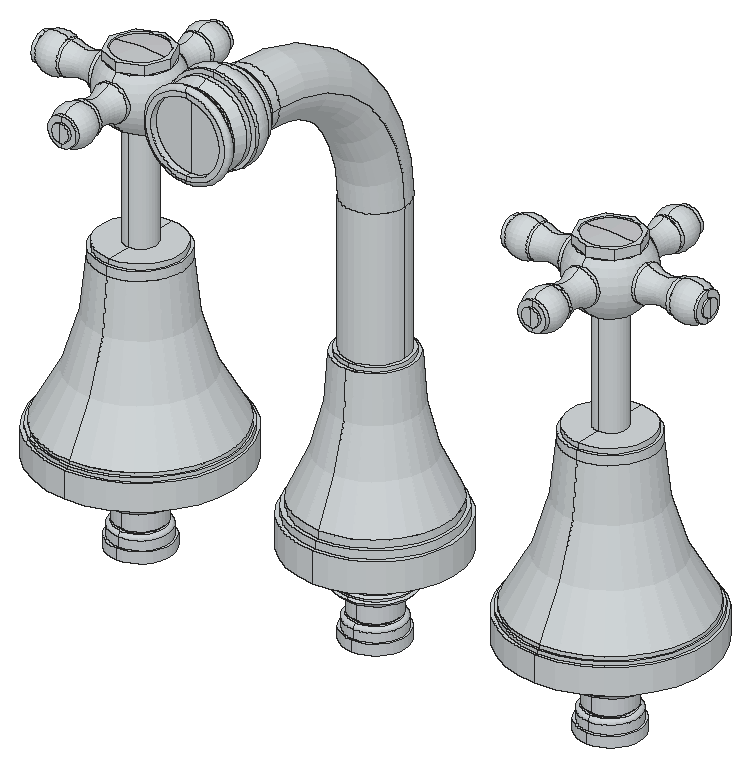
Revit family "Reece_Tap_Kado_Era_Wall Basin Set", category Plumbing Fixtures, host Face, Revit 2018
Family settings
  Host = Face
  Round Connector Dimension = Use Diameter
  Part Type = Normal
  Cut with Voids When Loaded = No
  Shared = Yes
  Room Calculation Point = Yes
Parameters (values of type "150 mm_Cross Handle_Brushed Nickel")
  WFU = 0  # constant formula
  URL = "https://www.reece.com.au/product/-9512074"
  Type Comments = "Tap"
  Reece_Tap_Reach = 150 mm
  Reece_Tap_Inlet = 12 mm  # constant formula
  Reece_Tap_Clearance = 75 mm  # constant formula
  Reece_Tap_Axis Distance [instance] = 150 mm
  Reece_Product_Web Page = "https://www.reece.com.au/product/-9512074"
  Reece_Product_Type = "Tap"  # constant formula
  Reece_Product_Sub Brand = "Era"  # constant formula
  Reece_Product_Number = "9512074"
  Reece_Product_Mount = "Wall Mounted"
  Reece_Product_Description = "Kado Era Wall Basin Set 150mm Cross Handles Brushed Nickel (5 Star)"
  Reece_Product_Brand = "Kado"  # constant formula
  Reece_Material_Secondary = Reece_Brass_Brushed Nickel
  Reece_Material_Colour = Reece_Plastic_White
  Reece_Material-Main = Reece_Brass_Brushed Nickel
  Reece_Handle_Type = Reece_Tap_Kado_Era_Wall Basin Set_Cross Handle_116 mm_Nested : Reece_Tap_Kado_Era_Wall Basin Set_Cross Handle_116 mm_Nested
  Reece_Detail_Shape = ""
  Reece_Detail_Installation = ""
  Reece_Detail_Disclaimer = "THIS FILE IS THE PROPERTY OF THE REECE GROUP. IT MAY NOT BE REPRODUCED, REVERSE-ENGINEERED OR MODIFIED. ANY REPUBLICATION, TRANSMISSION OR DISTRIBUTION FOR THE PURPOSE OF COMMERCIALLY EXPLOITING THE FILES IS PROHIBITED."  # constant formula
  Reece_Detail_Connector = ""
  Reece_Detail_Additional = "Wall Basin Set"
  Reece_Backplate_Diameter = 60 mm  # constant formula
  Model = "Era"
  Manufacturer = "Kado"
  Keynote = "Product #9512074, Reece_Tap_Kado_Era_Wall Basin Set - 150 mm_Cross Handle_Brushed Nickel"
  HWFU = 0  # constant formula
  Disclaimer = "THIS FILE IS THE PROPERTY OF THE REECE GROUP. IT MAY NOT BE REPRODUCED, REVERSE-ENGINEERED OR MODIFIED. ANY REPUBLICATION, TRANSMISSION OR DISTRIBUTION FOR THE PURPOSE OF COMMERCIALLY EXPLOITING THE FILES IS PROHIBITED."  # constant formula
  Description = "Kado Era Wall Basin Set 150mm Cross Handles Brushed Nickel (5 Star)"
  Default Elevation = 1000 mm
  CWFU = 0  # constant formula
Types (31, lengths in mm): name | URL | Reece_Tap_Reach | Reece_Product_Web Page | Reece_Product_Number | Reece_Product_Description | Reece_Material_Secondary | Reece_Material_Colour | Reece_Material-Main | Reece_Handle_Type | Reece_Detail_Additional | Keynote | Description
  (no name) | "https://www.reece.com.au/product/-9512074" | 150 | "https://www.reece.com.au/product/-9512074" | "9512074" | "Kado Era Wall Basin Set 150mm Cross Handles Brushed Nickel (5 Star)" | Reece_Brass_Brushed Nickel | Reece_Plastic_White | Reece_Brass_Brushed Nickel | Reece_Tap_Kado_Era_Wall Basin Set_Cross Handle_116 mm_Nested : Reece_Tap_Kado_Era_Wall Basin Set_Cross Handle_116 mm_Nested | "Wall Basin Set" | "Product #9512074, Reece_Tap_Kado_Era_Wall Basin Set -  " | "Kado Era Wall Basin Set 150mm Cross Handles Brushed Nickel (5 Star)"
  250 mm_Lever Handle_Chrome | "https://www.reece.com.au/product/-9508842" | 250 | "https://www.reece.com.au/product/-9508842" | "9508842" | "Kado Era Wall Basin Set 250mm Lever Handle Chrome (5 Star)" | Reece_Brass_Chrome | Reece_Brass_Chrome | Reece_Brass_Chrome | Reece_Tap_Kado_Era_Wall Basin Set_Lever_Handle_116 mm_Nested : Reece_Tap_Kado_Era_Wall Basin Set_Lever_Handle_116 mm_Nested | "Wall Basin Set" | "Product #9508842, Reece_Tap_Kado_Era_Wall Basin Set - 250 mm_Lever Handle_Chrome" | "Kado Era Wall Basin Set 250mm Lever Handle Chrome (5 Star)"
  250 mm_Lever Handle_Matte Black | "https://www.reece.com.au/product/-2263699" | 250 | "https://www.reece.com.au/product/-2263699" | "2263699" | "Kado Era Wall Basin Set 250mm Lever Handle Matte Black (5 Star)" | Reece_Brass_Matte Black | Reece_Brass_Matte Black | Reece_Brass_Matte Black | Reece_Tap_Kado_Era_Wall Basin Set_Lever_Handle_116 mm_Nested : Reece_Tap_Kado_Era_Wall Basin Set_Lever_Handle_116 mm_Nested | "Wall Basin Set" | "Product #2263699, Reece_Tap_Kado_Era_Wall Basin Set - 250 mm_Lever Handle_Matte Black" | "Kado Era Wall Basin Set 250mm Lever Handle Matte Black (5 Star)"
  250 mm_Lever Handle_Brass Gold_Porcelain | "https://www.reece.com.au/product/-9508845" | 250 | "https://www.reece.com.au/product/-9508845" | "9508845" | "Kado Era Wall Basin Set 250mm Lever Porcelain Handle Brass Gold (5 Star)" | Reece_Porcelain_White | Reece_Brass_Gold | Reece_Brass_Gold | Reece_Tap_Kado_Era_Wall Basin Set_Porcelain_Lever_Handle_116 mm_Nested : Reece_Tap_Kado_Era_Wall Basin Set_Porcelain_Lever_Handle_116 mm_Nested | "Wall Basin Set" | "Product #9508845, Reece_Tap_Kado_Era_Wall Basin Set - 250 mm_Lever Handle_Brass Gold_Porcelain" | "Kado Era Wall Basin Set 250mm Lever Porcelain Handle Brass Gold (5 Star)"
  250 mm_Lever Handle_Chrome_Porcelain | "https://www.reece.com.au/product/-9508844" | 250 | "https://www.reece.com.au/product/-9508844" | "9508844" | "Kado Era Wall Basin Set 250mm Lever Porcelain Handle Chrome (5 Star)" | Reece_Porcelain_White | Reece_Brass_Chrome | Reece_Brass_Chrome | Reece_Tap_Kado_Era_Wall Basin Set_Porcelain_Lever_Handle_116 mm_Nested : Reece_Tap_Kado_Era_Wall Basin Set_Porcelain_Lever_Handle_116 mm_Nested | "Wall Basin Set" | "Product #9508844, Reece_Tap_Kado_Era_Wall Basin Set - 250 mm_Lever Handle_Chrome_Porcelain" | "Kado Era Wall Basin Set 250mm Lever Porcelain Handle Chrome (5 Star)"
  250 mm_Cross Handle_Chrome | "https://www.reece.com.au/product/-9508840" | 250 | "https://www.reece.com.au/product/-9508840" | "9508840" | "Kado Era Wall Basin Set 250mm Cross Handles Chrome (5 Star)" | Reece_Brass_Chrome | Reece_Plastic_White | Reece_Brass_Chrome | Reece_Tap_Kado_Era_Wall Basin Set_Cross Handle_116 mm_Nested : Reece_Tap_Kado_Era_Wall Basin Set_Cross Handle_116 mm_Nested | "Wall Basin Set" | "Product #9508840, Reece_Tap_Kado_Era_Wall Basin Set - 250 mm_Cross Handle_Chrome" | "Kado Era Wall Basin Set 250mm Cross Handles Chrome (5 Star)"
  250 mm_Cross Handle_Brass Gold | "https://www.reece.com.au/product/-9508841" | 250 | "https://www.reece.com.au/product/-9508841" | "9508841" | "Kado Era Wall Basin Set 250mm Cross Handles Brass Gold (5 Star)" | Reece_Brass_Gold | Reece_Plastic_White | Reece_Brass_Gold | Reece_Tap_Kado_Era_Wall Basin Set_Cross Handle_116 mm_Nested : Reece_Tap_Kado_Era_Wall Basin Set_Cross Handle_116 mm_Nested | "Wall Basin Set" | "Product #9508841, Reece_Tap_Kado_Era_Wall Basin Set - 250 mm_Cross Handle_Brass Gold" | "Kado Era Wall Basin Set 250mm Cross Handles Brass Gold (5 Star)"
  200 mm_Lever Handle_Chrome_Porcelain | "https://www.reece.com.au/product/-9508838" | 200 | "https://www.reece.com.au/product/-9508838" | "9508838" | "Kado Era Wall Basin Set 200mm Lever Porcelain Handle Chrome (5 Star)" | Reece_Porcelain_White | Reece_Brass_Chrome | Reece_Brass_Chrome | Reece_Tap_Kado_Era_Wall Basin Set_Porcelain_Lever_Handle_116 mm_Nested : Reece_Tap_Kado_Era_Wall Basin Set_Porcelain_Lever_Handle_116 mm_Nested | "Wall Basin Set" | "Product #9508838, Reece_Tap_Kado_Era_Wall Basin Set - 200 mm_Lever Handle_Chrome_Porcelain" | "Kado Era Wall Basin Set 200mm Lever Porcelain Handle Chrome (5 Star)"
  200 mm_Lever Handle_Brass Gold_Porcelain | "https://www.reece.com.au/product/-9508839" | 200 | "https://www.reece.com.au/product/-9508839" | "9508839" | "Kado Era Wall Basin Set 200mm Lever Porcelain Handle Brass Gold (5 Star)" | Reece_Porcelain_White | Reece_Brass_Gold | Reece_Brass_Gold | Reece_Tap_Kado_Era_Wall Basin Set_Porcelain_Lever_Handle_116 mm_Nested : Reece_Tap_Kado_Era_Wall Basin Set_Porcelain_Lever_Handle_116 mm_Nested | "Wall Basin Set" | "Product #9508839, Reece_Tap_Kado_Era_Wall Basin Set - 200 mm_Lever Handle_Brass Gold_Porcelain" | "Kado Era Wall Basin Set 200mm Lever Porcelain Handle Brass Gold (5 Star)"
  200 mm_Lever Handle_Matte Black | "https://www.reece.com.au/product/-2263698" | 200 | "https://www.reece.com.au/product/-2263698" | "2263698" | "Kado Era Wall Basin Set 200mm Lever Handle Matte Black (5 Star)" | Reece_Brass_Matte Black | Reece_Brass_Matte Black | Reece_Brass_Matte Black | Reece_Tap_Kado_Era_Wall Basin Set_Lever_Handle_116 mm_Nested : Reece_Tap_Kado_Era_Wall Basin Set_Lever_Handle_116 mm_Nested | "Wall Basin Set" | "Product #2263698, Reece_Tap_Kado_Era_Wall Basin Set - 200 mm_Lever Handle_Matte Black" | "Kado Era Wall Basin Set 200mm Lever Handle Matte Black (5 Star)"
  200 mm_Lever Handle_Chrome | "https://www.reece.com.au/product/-9508836" | 200 | "https://www.reece.com.au/product/-9508836" | "9508836" | "Kado Era Wall Basin Set 200mm Lever Handle Chrome (5 Star)" | Reece_Brass_Chrome | Reece_Brass_Chrome | Reece_Brass_Chrome | Reece_Tap_Kado_Era_Wall Basin Set_Lever_Handle_116 mm_Nested : Reece_Tap_Kado_Era_Wall Basin Set_Lever_Handle_116 mm_Nested | "Wall Basin Set" | "Product #9508836, Reece_Tap_Kado_Era_Wall Basin Set - 200 mm_Lever Handle_Chrome" | "Kado Era Wall Basin Set 200mm Lever Handle Chrome (5 Star)"
  200 mm_Lever Handle_Brass Gold | "https://www.reece.com.au/product/-9508837" | 200 | "https://www.reece.com.au/product/-9508837" | "9508837" | "Kado Era Wall Basin Set 200mm Lever Handle Brass Gold (5 Star)" | Reece_Brass_Gold | Reece_Brass_Gold | Reece_Brass_Gold | Reece_Tap_Kado_Era_Wall Basin Set_Lever_Handle_116 mm_Nested : Reece_Tap_Kado_Era_Wall Basin Set_Lever_Handle_116 mm_Nested | "Wall Basin Set" | "Product #9508837, Reece_Tap_Kado_Era_Wall Basin Set - 200 mm_Lever Handle_Brass Gold" | "Kado Era Wall Basin Set 200mm Lever Handle Brass Gold (5 Star)"
  200 mm_Cross Handle_Chrome | "https://www.reece.com.au/product/-9508834" | 200 | "https://www.reece.com.au/product/-9508834" | "9508834" | "Kado Era Wall Basin Set 200mm Cross Handles Chrome (5 Star)" | Reece_Brass_Chrome | Reece_Plastic_White | Reece_Brass_Chrome | Reece_Tap_Kado_Era_Wall Basin Set_Cross Handle_116 mm_Nested : Reece_Tap_Kado_Era_Wall Basin Set_Cross Handle_116 mm_Nested | "Wall Basin Set" | "Product #9508834, Reece_Tap_Kado_Era_Wall Basin Set - 200 mm_Cross Handle_Chrome" | "Kado Era Wall Basin Set 200mm Cross Handles Chrome (5 Star)"
  200 mm_Cross Handle_Brass Gold | "https://www.reece.com.au/product/-9508835" | 200 | "https://www.reece.com.au/product/-9508835" | "9508835" | "Kado Era Wall Basin Set 200mm Cross Handles Brass Gold (5 Star)" | Reece_Brass_Gold | Reece_Plastic_White | Reece_Brass_Gold | Reece_Tap_Kado_Era_Wall Basin Set_Cross Handle_116 mm_Nested : Reece_Tap_Kado_Era_Wall Basin Set_Cross Handle_116 mm_Nested | "Wall Basin Set" | "Product #9508835, Reece_Tap_Kado_Era_Wall Basin Set - 200 mm_Cross Handle_Brass Gold" | "Kado Era Wall Basin Set 200mm Cross Handles Brass Gold (5 Star)"
  150 mm_Lever Handle_Chrome_Porcelain | "https://www.reece.com.au/product/-9508832" | 150 | "https://www.reece.com.au/product/-9508832" | "9508832" | "Kado Era Wall Basin Set 150mm Lever Porcelain Handle Chrome (5 Star)" | Reece_Porcelain_White | Reece_Brass_Chrome | Reece_Brass_Chrome | Reece_Tap_Kado_Era_Wall Basin Set_Porcelain_Lever_Handle_116 mm_Nested : Reece_Tap_Kado_Era_Wall Basin Set_Porcelain_Lever_Handle_116 mm_Nested | "Wall Basin Set" | "Product #9508832, Reece_Tap_Kado_Era_Wall Basin Set - 150 mm_Lever Handle_Chrome_Porcelain" | "Kado Era Wall Basin Set 150mm Lever Porcelain Handle Chrome (5 Star)"
  150 mm_Lever Handle_Brass Gold_Porcelain | "https://www.reece.com.au/product/-9508833" | 150 | "https://www.reece.com.au/product/-9508833" | "9508833" | "Kado Era Wall Basin Set 150mm Lever Porcelain Handle Brass Gold (5 Star)" | Reece_Porcelain_White | Reece_Brass_Gold | Reece_Brass_Gold | Reece_Tap_Kado_Era_Wall Basin Set_Porcelain_Lever_Handle_116 mm_Nested : Reece_Tap_Kado_Era_Wall Basin Set_Porcelain_Lever_Handle_116 mm_Nested | "Wall Basin Set" | "Product #9508833, Reece_Tap_Kado_Era_Wall Basin Set - 150 mm_Lever Handle_Brass Gold_Porcelain" | "Kado Era Wall Basin Set 150mm Lever Porcelain Handle Brass Gold (5 Star)"
  150 mm_Lever Handle_Matte Black | "https://www.reece.com.au/product/-2263697" | 150 | "https://www.reece.com.au/product/-2263697" | "2263697" | "Kado Era Wall Basin Set 150mm Lever Handle Matte Black (5 Star)" | Reece_Brass_Matte Black | Reece_Brass_Matte Black | Reece_Brass_Matte Black | Reece_Tap_Kado_Era_Wall Basin Set_Lever_Handle_116 mm_Nested : Reece_Tap_Kado_Era_Wall Basin Set_Lever_Handle_116 mm_Nested | "Wall Basin Set" | "Product #2263697, Reece_Tap_Kado_Era_Wall Basin Set - 150 mm_Lever Handle_Matte Black" | "Kado Era Wall Basin Set 150mm Lever Handle Matte Black (5 Star)"
  150 mm_Lever Handle_Chrome | "https://www.reece.com.au/product/-9508830" | 150 | "https://www.reece.com.au/product/-9508830" | "9508830" | "Kado Era Wall Basin Set 150mm Lever Handle Chrome (5 Star)" | Reece_Brass_Chrome | Reece_Brass_Chrome | Reece_Brass_Chrome | Reece_Tap_Kado_Era_Wall Basin Set_Lever_Handle_116 mm_Nested : Reece_Tap_Kado_Era_Wall Basin Set_Lever_Handle_116 mm_Nested | "Wall Basin Set" | "Product #9508830, Reece_Tap_Kado_Era_Wall Basin Set - 150 mm_Lever Handle_Chrome" | "Kado Era Wall Basin Set 150mm Lever Handle Chrome (5 Star)"
  150 mm_Lever Handle_Brass Gold | "https://www.reece.com.au/product/-9508831" | 150 | "https://www.reece.com.au/product/-9508831" | "9508831" | "Kado Era Wall Basin Set 150mm Lever Handle Brass Gold (5 Star)" | Reece_Brass_Gold | Reece_Brass_Gold | Reece_Brass_Gold | Reece_Tap_Kado_Era_Wall Basin Set_Lever_Handle_116 mm_Nested : Reece_Tap_Kado_Era_Wall Basin Set_Lever_Handle_116 mm_Nested | "Wall Basin Set" | "Product #9508831, Reece_Tap_Kado_Era_Wall Basin Set - 150 mm_Lever Handle_Brass Gold" | "Kado Era Wall Basin Set 150mm Lever Handle Brass Gold (5 Star)"
  150 mm_Cross Handle_Chrome | "https://www.reece.com.au/product/-9508828" | 150 | "https://www.reece.com.au/product/-9508828" | "9508828" | "Kado Era Wall Basin Set 150mm Cross Handles Chrome (5 Star)" | Reece_Brass_Chrome | Reece_Plastic_White | Reece_Brass_Chrome | Reece_Tap_Kado_Era_Wall Basin Set_Cross Handle_116 mm_Nested : Reece_Tap_Kado_Era_Wall Basin Set_Cross Handle_116 mm_Nested | "Wall Basin Set" | "Product #9508828, Reece_Tap_Kado_Era_Wall Basin Set - 150 mm_Cross Handle_Chrome" | "Kado Era Wall Basin Set 150mm Cross Handles Chrome (5 Star)"
  150 mm_Cross Handle_Brass Gold | "https://www.reece.com.au/product/-9508829" | 150 | "https://www.reece.com.au/product/-9508829" | "9508829" | "Kado Era Wall Basin Set 150mm Cross Handles Brass Gold (5 Star)" | Reece_Brass_Gold | Reece_Plastic_White | Reece_Brass_Gold | Reece_Tap_Kado_Era_Wall Basin Set_Cross Handle_116 mm_Nested : Reece_Tap_Kado_Era_Wall Basin Set_Cross Handle_116 mm_Nested | "Wall Basin Set" | "Product #9508829, Reece_Tap_Kado_Era_Wall Basin Set - 150 mm_Cross Handle_Brass Gold" | "Kado Era Wall Basin Set 150mm Cross Handles Brass Gold (5 Star)"
  250 mm_Lever Handle_Brass Gold | "https://www.reece.com.au/product/-9508843" | 250 | "https://www.reece.com.au/product/-9508843" | "9508843" | "Kado Era Wall Basin Set 250mm Lever Handle Brass Gold (5 Star)" | Reece_Brass_Gold | Reece_Brass_Gold | Reece_Brass_Gold | Reece_Tap_Kado_Era_Wall Basin Set_Lever_Handle_116 mm_Nested : Reece_Tap_Kado_Era_Wall Basin Set_Lever_Handle_116 mm_Nested | "Wall Basin Set" | "Product #9508843, Reece_Tap_Kado_Era_Wall Basin Set - 250 mm_Lever Handle_Brass Gold" | "Kado Era Wall Basin Set 250mm Lever Handle Brass Gold (5 Star)"
  200 mm_Cross Handle_Brushed Nickel | "https://www.reece.com.au/product/-9512075" | 200 | "https://www.reece.com.au/product/-9512075" | "9512075" | "Kado Era Wall Basin Set 200mm Cross Handles Brushed Nickel (5 Star)" | Reece_Brass_Brushed Nickel | Reece_Plastic_White | Reece_Brass_Brushed Nickel | Reece_Tap_Kado_Era_Wall Basin Set_Cross Handle_116 mm_Nested : Reece_Tap_Kado_Era_Wall Basin Set_Cross Handle_116 mm_Nested | "" | "Product #9512075, Reece_Tap_Kado_Era_Wall Basin Set - 200 mm_Cross Handle_Brushed Nickel" | "Kado Era Wall Basin Set 200mm Cross Handles Brushed Nickel (5 Star)"
  250 mm_Lever Handle_Brushed Nickel | "https://www.reece.com.au/product/-9512079" | 250 | "https://www.reece.com.au/product/-9512079" | "9512079" | "Kado Era Wall Basin Set 250mm Lever Handle Brushed Nickel (5 Star)" | Reece_Brass_Brushed Nickel | Reece_Brass_Brushed Nickel | Reece_Brass_Brushed Nickel | Reece_Tap_Kado_Era_Wall Basin Set_Lever_Handle_116 mm_Nested : Reece_Tap_Kado_Era_Wall Basin Set_Lever_Handle_116 mm_Nested | "" | "Product #9512079, Reece_Tap_Kado_Era_Wall Basin Set - 250 mm_Lever Handle_Brushed Nickel" | "Kado Era Wall Basin Set 250mm Lever Handle Brushed Nickel (5 Star)"
  150 mm_Cross Handle_Brushed Nickel | "https://www.reece.com.au/product/-9512074" | 150 | "https://www.reece.com.au/product/-9512074" | "9512074" | "Kado Era Wall Basin Set 150mm Cross Handles Brushed Nickel (5 Star)" | Reece_Brass_Brushed Nickel | Reece_Plastic_White | Reece_Brass_Brushed Nickel | Reece_Tap_Kado_Era_Wall Basin Set_Cross Handle_116 mm_Nested : Reece_Tap_Kado_Era_Wall Basin Set_Cross Handle_116 mm_Nested | "Wall Basin Set" | "Product #9512074, Reece_Tap_Kado_Era_Wall Basin Set - 150 mm_Cross Handle_Brushed Nickel" | "Kado Era Wall Basin Set 150mm Cross Handles Brushed Nickel (5 Star)"
  150 mm_Lever Handle_Brushed Nickel | "https://www.reece.com.au/product/-9512077" | 150 | "https://www.reece.com.au/product/-9512077" | "9512077" | "Kado Era Wall Basin Set 150mm Lever Handle Brushed Nickel (5 Star)" | Reece_Brass_Brushed Nickel | Reece_Brass_Brushed Nickel | Reece_Brass_Brushed Nickel | Reece_Tap_Kado_Era_Wall Basin Set_Lever_Handle_116 mm_Nested : Reece_Tap_Kado_Era_Wall Basin Set_Lever_Handle_116 mm_Nested | "" | "Product #9512077, Reece_Tap_Kado_Era_Wall Basin Set - 150 mm_Lever Handle_Brushed Nickel" | "Kado Era Wall Basin Set 150mm Lever Handle Brushed Nickel (5 Star)"
  150 mm_Lever Handle_Brushed Nickel_Porcelain | "https://www.reece.com.au/product/-9512080" | 150 | "https://www.reece.com.au/product/-9512080" | "9512080" | "Kado Era Wall Basin Set 150mm Lever Porcelain Handle Brushed Nickel (5 Star)" | Reece_Porcelain_White | Reece_Brass_Brushed Nickel | Reece_Brass_Brushed Nickel | Reece_Tap_Kado_Era_Wall Basin Set_Porcelain_Lever_Handle_116 mm_Nested : Reece_Tap_Kado_Era_Wall Basin Set_Porcelain_Lever_Handle_116 mm_Nested | "" | "Product #9512080, Reece_Tap_Kado_Era_Wall Basin Set - 150 mm_Lever Handle_Brushed Nickel_Porcelain" | "Kado Era Wall Basin Set 150mm Lever Porcelain Handle Brushed Nickel (5 Star)"
  200 mm_Lever Handle_Brushed Nickel | "https://www.reece.com.au/product/-9512078" | 200 | "https://www.reece.com.au/product/-9512078" | "9512078" | "Kado Era Wall Basin Set 200mm Lever Handle Brushed Nickel (5 Star)" | Reece_Brass_Brushed Nickel | Reece_Brass_Brushed Nickel | Reece_Brass_Brushed Nickel | Reece_Tap_Kado_Era_Wall Basin Set_Lever_Handle_116 mm_Nested : Reece_Tap_Kado_Era_Wall Basin Set_Lever_Handle_116 mm_Nested | "" | "Product #9512078, Reece_Tap_Kado_Era_Wall Basin Set - 200 mm_Lever Handle_Brushed Nickel" | "Kado Era Wall Basin Set 200mm Lever Handle Brushed Nickel (5 Star)"
  200 mm_Lever Handle_Brushed Nickel_Porcelain | "https://www.reece.com.au/product/-9512081" | 200 | "https://www.reece.com.au/product/-9512081" | "9512081" | "Kado Era Wall Basin Set 200mm Lever Porcelain Handle Brushed Nickel (5 Star)" | Reece_Porcelain_White | Reece_Brass_Brushed Nickel | Reece_Brass_Brushed Nickel | Reece_Tap_Kado_Era_Wall Basin Set_Porcelain_Lever_Handle_116 mm_Nested : Reece_Tap_Kado_Era_Wall Basin Set_Porcelain_Lever_Handle_116 mm_Nested | "" | "Product #9512081, Reece_Tap_Kado_Era_Wall Basin Set - 200 mm_Lever Handle_Brushed Nickel_Porcelain" | "Kado Era Wall Basin Set 200mm Lever Porcelain Handle Brushed Nickel (5 Star)"
  250 mm_Cross Handle_Brushed Nickel | "https://www.reece.com.au/product/-9512076" | 250 | "https://www.reece.com.au/product/-9512076" | "9512076" | "Kado Era Wall Basin Set 250mm Cross Handles Brushed Nickel (5 Star)" | Reece_Brass_Brushed Nickel | Reece_Plastic_White | Reece_Brass_Brushed Nickel | Reece_Tap_Kado_Era_Wall Basin Set_Cross Handle_116 mm_Nested : Reece_Tap_Kado_Era_Wall Basin Set_Cross Handle_116 mm_Nested | "" | "Product #9512076, Reece_Tap_Kado_Era_Wall Basin Set - 250 mm_Cross Handle_Brushed Nickel" | "Kado Era Wall Basin Set 250mm Cross Handles Brushed Nickel (5 Star)"
  250 mm_Lever Handle_Brushed Nickel_Porcelain | "https://www.reece.com.au/product/-9512082" | 250 | "https://www.reece.com.au/product/-9512082" | "9512082" | "Kado Era Wall Basin Set 250mm Lever Porcelain Handle Brushed Nickel (5 Star)" | Reece_Porcelain_White | Reece_Brass_Brushed Nickel | Reece_Brass_Brushed Nickel | Reece_Tap_Kado_Era_Wall Basin Set_Porcelain_Lever_Handle_116 mm_Nested : Reece_Tap_Kado_Era_Wall Basin Set_Porcelain_Lever_Handle_116 mm_Nested | "" | "Product #9512082, Reece_Tap_Kado_Era_Wall Basin Set - 250 mm_Lever Handle_Brushed Nickel_Porcelain" | "Kado Era Wall Basin Set 250mm Lever Porcelain Handle Brushed Nickel (5 Star)"
Reference planes
  plane 1 "Center (Front/Back)": y = 0
  plane 2 "Bottom": z = 0
  plane 3 "Center (Left/Right)": x = 0
  plane 4 "left": x = -75
  plane 5 "right": x = 75
  plane 6: y = -30
  plane 7: y = 30
  plane 8: y = -75
  plane 9: z = 150
Forms (mm)
  Revolve 1, solid
    sketch origin (-75, -128.901, 1219.2) x (0, -1, 0) y (0, 0, 1)
      loop
        line (-130.291, -1249.229) -> (-128.901, -1249.229) -> (-128.901, -1219.2) -> (-140.374, -1219.2) -> (-140.374, -1222.813) -> (-139.398, -1223.187) -> (-139.398, -1223.987) -> (-140.37, -1224.549) -> (-139.398, -1225.023) -> (-139.398, -1225.823) -> (-140.359, -1226.378) -> (-139.398, -1226.846) -> (-139.398, -1227.646) -> (-140.366, -1228.205) -> (-139.398, -1228.616) -> (-139.398, -1229.416) -> (-140.275, -1229.923) -> (-139.166, -1231.032) -> (-136.181, -1231.032) -> (-136.181, -1237.729) -> (-135.615, -1238.294) -> (-136.415, -1238.294)
        arc (-136.415, -1238.294) -> (-137.255, -1238.642) -> (-137.603, -1239.482) r 1.188
        line (-137.603, -1239.482) -> (-137.603, -1242.245) -> (-138.403, -1242.245) -> (-138.403, -1245.49) -> (-132.464, -1245.49) -> (-130.291, -1249.229)
      axis (-128.901, -1219.2) -> (-128.901, -1249.229)
    angle from 0 to 360
  Revolve 2, void
    sketch origin (0, 0, 0) x (1, 0, 0) y (0, 0, 1)
      loop
        line (-75, -37.024) -> (-75, 0) -> (-90.541, 0) -> (-90.541, -37.024) -> (-75, -37.024)
      axis (-75, 0) -> (-75, -37.024)
    angle from 0 to 360
  Revolve 3, void
    sketch origin (0, 0, 0) x (-1, 0, 0) y (0, 0, 1)
      loop
        line (-75, -37.024) -> (-75, 0) -> (-90.541, 0) -> (-90.541, -37.024) -> (-75, -37.024)
      axis (-75, 0) -> (-75, -37.024)
    angle from 0 to 360
  Revolve 4, solid
    sketch origin (75, -134.759, 1219.2) x (0, -1, 0) y (0, 0, 1)
      loop
        line (-136.149, -1249.229) -> (-134.759, -1249.229) -> (-134.759, -1219.2) -> (-146.232, -1219.2) -> (-146.232, -1222.813) -> (-145.256, -1223.187) -> (-145.256, -1223.987) -> (-146.228, -1224.549) -> (-145.256, -1225.023) -> (-145.256, -1225.823) -> (-146.216, -1226.378) -> (-145.256, -1226.846) -> (-145.256, -1227.646) -> (-146.223, -1228.205) -> (-145.256, -1228.616) -> (-145.256, -1229.416) -> (-146.133, -1229.923) -> (-145.024, -1231.032) -> (-142.038, -1231.032) -> (-142.038, -1237.729) -> (-141.473, -1238.294) -> (-142.273, -1238.294)
        arc (-142.273, -1238.294) -> (-143.113, -1238.642) -> (-143.461, -1239.482) r 1.188
        line (-143.461, -1239.482) -> (-143.461, -1242.245) -> (-144.261, -1242.245) -> (-144.261, -1245.49) -> (-138.322, -1245.49) -> (-136.149, -1249.229)
      axis (-134.759, -1219.2) -> (-134.759, -1249.229)
    angle from 0 to 360
  Revolve 5, solid, material "Reece_Brass_Brushed Nickel" <- "Reece_Material-Main"
    sketch origin (0, 0, 0) x (0, 1, 0) y (0, 0, 1)
      loop
        line (0, 0) -> (0, 56.755) -> (-10.622, 56.755) -> (-10.622, 55.568) -> (-11.75, 55.568)
        arc (-11.75, 55.568) -> (-14.255, 34.066) -> (-22.54, 14.068) r 78.452
        line (-22.54, 14.068) -> (-22.54, 11.755) -> (-23.802, 11.755) -> (-23.802, 9.291) -> (-25, 9.291) -> (-25, 0) -> (0, 0)
      axis (0, 0) -> (0, 56.755)
    angle from 0 to 360
  Sweep 6, solid, material "Reece_Brass_Brushed Nickel" <- "Reece_Material-Main"
    path origin (0, 0, 0) x (0, 1, 0) y (0, 0, 1)
      loop
        line (-54.466, 150) -> (-50, 150)
        arc (-50, 150) -> (-14.645, 135.355) -> (0, 100) r 50
        line (0, 100) -> (0, 56.755)
    profile origin (0, 0, 78.377) x (1, 0, 0) y (0, 1, 0)
      loop
        circle (0, 0) r 9.5
  Revolve 7, solid
    sketch origin (0, 0, 0) x (0, 1, 0) y (0, 0, 1)
      loop
        line (1.39, -30.029) -> (3.563, -26.29) -> (9.502, -26.29) -> (9.502, -23.045) -> (8.702, -23.045) -> (8.702, -20.282)
        arc (8.702, -20.282) -> (8.354, -19.442) -> (7.514, -19.094) r 1.188
        line (7.514, -19.094) -> (6.714, -19.094) -> (7.28, -18.529) -> (7.28, -11.832) -> (10.266, -11.832) -> (11.374, -10.723) -> (10.497, -10.216) -> (10.497, -9.416) -> (11.465, -9.005) -> (10.497, -8.446) -> (10.497, -7.646) -> (11.458, -7.178) -> (10.497, -6.623) -> (10.497, -5.823) -> (11.469, -5.349) -> (10.497, -4.787) -> (10.497, -3.987) -> (11.473, -3.613) -> (11.473, 0) -> (0, 0) -> (0, -30.029) -> (1.39, -30.029)
      axis (0, 0) -> (0, -30.029)
    angle from 0 to 360
  Revolve 8, void
    sketch origin (-75, 0, 0) x (-1, 0, 0) y (0, 0, 1)
      loop
        line (-75, -37.024) -> (-75, 0) -> (-90.541, 0) -> (-90.541, -37.024) -> (-75, -37.024)
      axis (-75, 0) -> (-75, -37.024)
    angle from 0 to 360
  Revolve 9, solid, material "Reece_Brass_Brushed Nickel" <- "Reece_Material-Main"
    sketch origin (0, -236.81, 81.077) x (0, 0.15942, -0.987211) y (0, 0.987211, 0.15942)
      loop
        line (-29.591, 170.389) -> (-29.454, 171.239)
        arc (-29.454, 171.239) -> (-29.5, 171.843) -> (-29.816, 172.36) r 1.294
        line (-29.816, 172.36) -> (-30.503, 173.047) -> (-28.263, 176.354) -> (-28.04, 177.736) -> (-29.027, 177.895) -> (-28.884, 178.784) -> (-26.909, 178.465) -> (-26.75, 179.452)
        arc (-26.75, 179.452) -> (-26.139, 182.601) -> (-27.637, 185.437) r 4.824
        arc (-27.637, 185.437) -> (-27.447, 187.111) -> (-28.604, 188.335) r 1.997
        line (-28.604, 188.335) -> (-28.449, 189.301) -> (-38.972, 191) -> (-42.053, 171.922) -> (-31.151, 170.162) -> (-31.471, 168.181) -> (-29.986, 167.941)
        arc (-29.986, 167.941) -> (-28.565, 168.967) -> (-29.591, 170.389) r 1.24
      axis (-38.972, 191) -> (-42.373, 169.941)
    angle from 0 to 360
Cuts and joins
  joined: Revolve 5, Sweep 6
Text (mm)
  text "Reece Copyright © 2018, Reece Ltd." at (18.968, -193.79, 0), in view "Ref. Level"
  text "Reece ©" at (44.384, 258.95, 192.345), in view "Reece Preview"
Dimensions and locks
  equal spacing: plane 4 "left", plane 3 "Center (Left/Right)", plane 5 "right"  (x2)
  plane 6 to plane 7 = 60 mm
  plane 7 to plane 6 = 60 mm
  plane 4 "left" to plane 5 "right" = 150 mm
  plane 5 "right" to plane 4 "left" = 150 mm
  equal spacing: plane 5 "right", plane 3 "Center (Left/Right)", plane 4 "left"
  "Reece_Backplate_Diameter": plane 6 to plane 7
  equal spacing: plane 6, plane 1 "Center (Front/Back)", plane 7
  "Reece_Tap_Axis Distance": plane 4 "left" to plane 5 "right"
  "Reece_Tap_Reach": plane 9 to plane 2 "Bottom"
  locked: plane 9 to Sweep 6 sketch curve at 0
  "Reece_Tap_Clearance": plane 8 to plane 1 "Center (Front/Back)"
  aligned and locked: plane 2 "Bottom" to host face
  aligned and locked: level to host face
  aligned and locked: Revolve 1 sketch curve to plane 1 "Center (Front/Back)"
  aligned and locked: Revolve 8 sketch curve to plane 3 "Center (Left/Right)"
Automatic sketch dimensions
  host sketch curve to host sketch curve = 380.785 mm
  host sketch curve to host sketch curve = 317.421 mm
  Revolve 1 sketch curve to level = 0 mm
  Revolve 1 sketch curve to plane 1 "Center (Front/Back)" = 0 mm
  Revolve 1 sketch curve to Revolve 1 sketch curve = 1.39 mm
  Revolve 1 sketch curve to plane 1 "Center (Front/Back)" = 3.563 mm
  Revolve 1 sketch curve to plane 1 "Center (Front/Back)" = 6.714 mm
  Revolve 1 sketch curve to plane 1 "Center (Front/Back)" = 7.28 mm
  Revolve 1 sketch curve to Revolve 1 sketch curve = 0.8 mm  (x6)
  Revolve 1 sketch curve to Revolve 1 sketch curve = 1.188 mm
  Revolve 1 sketch curve to Revolve 1 sketch curve = 2.986 mm
  Revolve 1 sketch curve to Revolve 1 sketch curve = 0.231 mm  (x2)
  Revolve 1 sketch curve to Revolve 1 sketch curve = 0 mm  (x2)
  Revolve 1 sketch curve to level = 3.987 mm
  Revolve 1 sketch curve to Revolve 1 sketch curve = 0.878 mm
  Revolve 1 sketch curve to Revolve 1 sketch curve = 0.961 mm
  Revolve 1 sketch curve to Revolve 1 sketch curve = 0.968 mm
  Revolve 1 sketch curve to level = 5.349 mm
  Revolve 1 sketch curve to Revolve 1 sketch curve = 0.972 mm
  Revolve 1 sketch curve to level = 3.612 mm
  Revolve 1 sketch curve to Revolve 1 sketch curve = 0.977 mm
  Revolve 1 sketch curve to Revolve 1 sketch curve = 0.474 mm
  Revolve 1 sketch curve to Revolve 1 sketch curve = 0.555 mm
  Revolve 1 sketch curve to Revolve 1 sketch curve = 1.023 mm
  Revolve 1 sketch curve to Revolve 1 sketch curve = 0.559 mm
  Revolve 1 sketch curve to Revolve 1 sketch curve = 0.97 mm
  Revolve 1 sketch curve to Revolve 1 sketch curve = 0.507 mm
  Revolve 1 sketch curve to Revolve 1 sketch curve = 1.615 mm
  Revolve 1 sketch curve to Revolve 1 sketch curve = 6.697 mm
  Revolve 1 sketch curve to Revolve 1 sketch curve = 0.566 mm
  Revolve 1 sketch curve to Revolve 1 sketch curve = 2.762 mm
  Revolve 1 sketch curve to Revolve 1 sketch curve = 3.246 mm
  Revolve 1 sketch curve to Revolve 1 sketch curve = 3.739 mm
  Revolve 1 sketch curve to Revolve 1 sketch curve = 7.488 mm
  Revolve 1 sketch curve to Revolve 1 sketch curve = 8.93 mm
  Revolve 2 sketch curve to level = 0 mm
  plane 4 "left" to Revolve 2 sketch curve = 0 mm  (x2)
  Revolve 2 sketch curve to Revolve 2 sketch curve = 15.541 mm
  Revolve 2 sketch curve to level = 37.024 mm
  Revolve 2 sketch curve to Revolve 2 sketch curve = 29.166 mm
  Revolve 2 sketch curve to Revolve 2 sketch curve = 18.517 mm
  Revolve 3 sketch curve to level = 0 mm
  Revolve 3 sketch curve to plane 5 "right" = 0 mm  (x2)
  Revolve 3 sketch curve to Revolve 3 sketch curve = 15.541 mm
  level to Revolve 3 sketch curve = 37.024 mm
  Revolve 3 sketch curve to Revolve 3 sketch curve = 29.166 mm
  Revolve 3 sketch curve to Revolve 3 sketch curve = 18.517 mm
  level to Revolve 4 sketch curve = 0 mm
  Revolve 4 sketch curve to plane 1 "Center (Front/Back)" = 0 mm  (x2)
  Revolve 4 sketch curve to Revolve 4 sketch curve = 1.39 mm
  plane 1 "Center (Front/Back)" to Revolve 4 sketch curve = 3.563 mm
  plane 1 "Center (Front/Back)" to Revolve 4 sketch curve = 6.714 mm
  plane 1 "Center (Front/Back)" to Revolve 4 sketch curve = 7.28 mm
  Revolve 4 sketch curve to Revolve 4 sketch curve = 0.8 mm  (x6)
  Revolve 4 sketch curve to Revolve 4 sketch curve = 1.188 mm
  Revolve 4 sketch curve to Revolve 4 sketch curve = 2.986 mm
  Revolve 4 sketch curve to Revolve 4 sketch curve = 0.231 mm  (x2)
  Revolve 4 sketch curve to Revolve 4 sketch curve = 0 mm  (x2)
  level to Revolve 4 sketch curve = 3.987 mm
  Revolve 4 sketch curve to Revolve 4 sketch curve = 0.878 mm
  Revolve 4 sketch curve to Revolve 4 sketch curve = 0.961 mm
  Revolve 4 sketch curve to Revolve 4 sketch curve = 0.968 mm
  level to Revolve 4 sketch curve = 5.349 mm
  Revolve 4 sketch curve to Revolve 4 sketch curve = 0.972 mm
  level to Revolve 4 sketch curve = 3.612 mm
  Revolve 4 sketch curve to Revolve 4 sketch curve = 0.977 mm
  Revolve 4 sketch curve to Revolve 4 sketch curve = 0.474 mm
  Revolve 4 sketch curve to Revolve 4 sketch curve = 0.555 mm
  Revolve 4 sketch curve to Revolve 4 sketch curve = 1.023 mm
  Revolve 4 sketch curve to Revolve 4 sketch curve = 0.559 mm
  Revolve 4 sketch curve to Revolve 4 sketch curve = 0.97 mm
  Revolve 4 sketch curve to Revolve 4 sketch curve = 0.507 mm
  Revolve 4 sketch curve to Revolve 4 sketch curve = 1.615 mm
  Revolve 4 sketch curve to Revolve 4 sketch curve = 6.697 mm
  Revolve 4 sketch curve to Revolve 4 sketch curve = 0.566 mm
  Revolve 4 sketch curve to Revolve 4 sketch curve = 2.762 mm
  Revolve 4 sketch curve to Revolve 4 sketch curve = 3.246 mm
  Revolve 4 sketch curve to Revolve 4 sketch curve = 3.739 mm
  Revolve 4 sketch curve to Revolve 4 sketch curve = 7.488 mm
  Revolve 4 sketch curve to Revolve 4 sketch curve = 8.93 mm
  Sweep 6 sketch curve to plane 3 "Center (Left/Right)" = 0 mm
  profile plane to Sweep 6 sketch curve = 0 mm
  level to Revolve 5 sketch curve = 0 mm
  Revolve 5 sketch curve to plane 1 "Center (Front/Back)" = 0 mm  (x2)
  plane 1 "Center (Front/Back)" to Revolve 5 sketch curve = 10.622 mm
  Revolve 5 sketch curve to Revolve 5 sketch curve = 1.128 mm
  plane 6 to Revolve 5 sketch curve = 7.46 mm
  Revolve 5 sketch curve to Revolve 5 sketch curve = 1.262 mm
  plane 6 to Revolve 5 sketch curve = 5 mm
  Revolve 5 sketch curve to plane 6 = 60.183 mm
  level to Revolve 5 sketch curve = 9.291 mm
  Revolve 5 sketch curve to Revolve 5 sketch curve = 2.464 mm
  Revolve 5 sketch curve to Revolve 5 sketch curve = 2.313 mm
  level to Revolve 5 sketch curve = 53.808 mm
  Revolve 5 sketch curve to Revolve 5 sketch curve = 1.187 mm
  Revolve 5 sketch curve to Revolve 5 sketch curve = 16.245 mm
  Revolve 5 sketch curve to Revolve 5 sketch curve = 18.352 mm
  Revolve 7 sketch curve to plane 1 "Center (Front/Back)" = 0 mm  (x2)
  level to Revolve 7 sketch curve = 0 mm
  Revolve 7 sketch curve to Revolve 7 sketch curve = 1.39 mm
  Revolve 7 sketch curve to plane 1 "Center (Front/Back)" = 3.563 mm
  Revolve 7 sketch curve to plane 1 "Center (Front/Back)" = 6.714 mm
  Revolve 7 sketch curve to plane 1 "Center (Front/Back)" = 7.28 mm
  Revolve 7 sketch curve to Revolve 7 sketch curve = 0.8 mm  (x6)
  Revolve 7 sketch curve to Revolve 7 sketch curve = 1.188 mm
  Revolve 7 sketch curve to Revolve 7 sketch curve = 2.986 mm
  Revolve 7 sketch curve to Revolve 7 sketch curve = 0.231 mm
  Revolve 7 sketch curve to Revolve 7 sketch curve = 0 mm  (x3)
  Revolve 7 sketch curve to level = 3.987 mm
  Revolve 7 sketch curve to Revolve 7 sketch curve = 0.878 mm
  Revolve 7 sketch curve to Revolve 7 sketch curve = 0.961 mm
  Revolve 7 sketch curve to Revolve 7 sketch curve = 0.968 mm
  Revolve 7 sketch curve to level = 5.349 mm
  Revolve 7 sketch curve to Revolve 7 sketch curve = 0.972 mm
  Revolve 7 sketch curve to level = 3.612 mm
  Revolve 7 sketch curve to Revolve 7 sketch curve = 0.977 mm
  Revolve 7 sketch curve to Revolve 7 sketch curve = 0.474 mm
  Revolve 7 sketch curve to Revolve 7 sketch curve = 0.555 mm
  Revolve 7 sketch curve to Revolve 7 sketch curve = 1.023 mm
  Revolve 7 sketch curve to Revolve 7 sketch curve = 0.559 mm
  Revolve 7 sketch curve to Revolve 7 sketch curve = 0.97 mm
  Revolve 7 sketch curve to Revolve 7 sketch curve = 0.507 mm
  Revolve 7 sketch curve to Revolve 7 sketch curve = 1.615 mm
  Revolve 7 sketch curve to Revolve 7 sketch curve = 6.697 mm
  Revolve 7 sketch curve to Revolve 7 sketch curve = 0.566 mm
  Revolve 7 sketch curve to Revolve 7 sketch curve = 2.762 mm
  Revolve 7 sketch curve to Revolve 7 sketch curve = 3.246 mm
  Revolve 7 sketch curve to Revolve 7 sketch curve = 3.739 mm
  Revolve 7 sketch curve to Revolve 7 sketch curve = 7.488 mm
  Revolve 7 sketch curve to Revolve 7 sketch curve = 8.93 mm
  Revolve 8 sketch curve to level = 0 mm
  Revolve 8 sketch curve to plane 3 "Center (Left/Right)" = 0 mm
  Revolve 8 sketch curve to Revolve 8 sketch curve = 15.541 mm
  level to Revolve 8 sketch curve = 37.024 mm
  Revolve 8 sketch curve to Revolve 8 sketch curve = 29.166 mm
  Revolve 8 sketch curve to Revolve 8 sketch curve = 18.517 mm
  Sweep 6 sketch curve to plane 1 "Center (Front/Back)" = 0 mm
  Sweep 6 sketch curve to plane 6 = 20 mm
  Sweep 6 sketch curve to Sweep 6 sketch curve = 4.466 mm
  level to Sweep 6 sketch curve = 56.755 mm
  plane 8 to Revolve 9 sketch curve = 1.209 mm
  Revolve 9 sketch curve to Revolve 9 sketch curve = 3.081 mm
  Revolve 9 sketch curve to Revolve 9 sketch curve = 0.32 mm
  Revolve 9 sketch curve to Revolve 9 sketch curve = 0.24 mm
  Revolve 9 sketch curve to Revolve 9 sketch curve = 0.42 mm
  Revolve 9 sketch curve to Revolve 9 sketch curve = 0.227 mm
  Revolve 9 sketch curve to Revolve 9 sketch curve = 1.484 mm
  Revolve 9 sketch curve to Revolve 9 sketch curve = 0.687 mm  (x2)
  Revolve 9 sketch curve to Revolve 9 sketch curve = 0.198 mm  (x2)
  Revolve 9 sketch curve to Revolve 9 sketch curve = 0.137 mm
  Revolve 9 sketch curve to Revolve 9 sketch curve = 1.569 mm
  Revolve 9 sketch curve to Revolve 9 sketch curve = 1.884 mm
  Revolve 9 sketch curve to Revolve 9 sketch curve = 0.143 mm
  Revolve 9 sketch curve to Revolve 9 sketch curve = 0.737 mm
  Revolve 9 sketch curve to Revolve 9 sketch curve = 0.156 mm
  Revolve 9 sketch curve to Revolve 9 sketch curve = 0.764 mm
  Revolve 9 sketch curve to Revolve 9 sketch curve = 0.987 mm
  Revolve 9 sketch curve to Revolve 9 sketch curve = 1.131 mm
  Revolve 9 sketch curve to Revolve 9 sketch curve = 0.159 mm
  Revolve 9 sketch curve to Revolve 9 sketch curve = 0.477 mm
  Revolve 9 sketch curve to Revolve 9 sketch curve = 0.206 mm
  Revolve 9 sketch curve to Revolve 9 sketch curve = 0.85 mm
  Revolve 9 sketch curve to Revolve 9 sketch curve = 1.284 mm
  Revolve 9 sketch curve to Revolve 9 sketch curve = 3.306 mm
  Revolve 9 sketch curve to Revolve 9 sketch curve = 1.382 mm
  Revolve 9 sketch curve to Revolve 9 sketch curve = 3.11 mm
  Revolve 9 sketch curve to Revolve 9 sketch curve = 1.856 mm
  Revolve 9 sketch curve to Revolve 9 sketch curve = 0.31 mm
  Revolve 9 sketch curve to Revolve 9 sketch curve = 0 mm  (x2)
  Revolve 9 sketch curve to Revolve 9 sketch curve = 1.922 mm
  Revolve 9 sketch curve to plane 9 = 0 mm
  plane 9 to Revolve 9 sketch curve = 0 mm
  radius of Sweep 6 sketch curve = 9.5 mm
Nested families
  nested 1: "Reece_Tap_Kado_Era_Wall Basin Set_Cross Handle_116 mm_Nested" at (-75, 0, 0), Reece_Material-Main <- "Reece_Material-Main", Reece_Material_Secondary <- "Reece_Material_Secondary", type <- "Reece_Handle_Type", Reece_Material_Colour <- "Reece_Material_Colour", type "Reece_Tap_Kado_Era_Wall Basin Set_Cross Handle_116 mm_Nested"
    with Reece_Material_Secondary Reece_Brass_Brushed Nickel, Reece_Material_Colour Reece_Plastic_White, Reece_Material-Main Reece_Brass_Brushed Nickel
  nested 2: "Reece_Tap_Kado_Era_Wall Basin Set_Cross Handle_116 mm_Nested" at (75, 0, 0) x (-1, 0, 0) z (0, 0, 1), Reece_Material-Main <- "Reece_Material-Main", Reece_Material_Secondary <- "Reece_Material_Secondary", type <- "Reece_Handle_Type", Reece_Material_Colour <- "Reece_Material_Colour", type "Reece_Tap_Kado_Era_Wall Basin Set_Cross Handle_116 mm_Nested"
    with Reece_Material_Secondary Reece_Brass_Brushed Nickel, Reece_Material_Colour Reece_Plastic_White, Reece_Material-Main Reece_Brass_Brushed Nickel
Connectors
  piping at (-75, 0, -11.832), diameter 12, driven by "Reece_Tap_Inlet"
    settings: on Revolve 1, index 3, connector inside diameter 609.6 mm, connector length 0 mm, flow factor 0, pipe flow 0.0 L/s, pressure drop 0.0 Pa, fitting loss kfactor 0, connector angle 0.00°, fixture units 0, engagement length 0 mm, angle of deflection 0.00°, flow configuration 0, flow direction 1, fitting loss method 0, system type 29, joint type 0, gender type 0, connector reference index -1, connector utility 0, adjustable connector no, is connector primary yes, connector description ""
  piping at (75, 0, -11.832), diameter 12, driven by "Reece_Tap_Inlet"
    settings: on Revolve 4, index 4, connector inside diameter 609.6 mm, connector length 0 mm, flow factor 0, pipe flow 0.0 L/s, pressure drop 0.0 Pa, fitting loss kfactor 0, connector angle 0.00°, fixture units 0, engagement length 0 mm, angle of deflection 0.00°, flow configuration 0, flow direction 1, fitting loss method 0, system type 29, joint type 0, gender type 0, connector reference index -1, connector utility 0, adjustable connector no, is connector primary no, connector description ""
  piping at (0, 0, 0), diameter 12, driven by "Reece_Tap_Inlet"
    settings: on host face, index 5, connector inside diameter 609.6 mm, connector length 0 mm, flow factor 0, pipe flow 0.0 L/s, pressure drop 0.0 Pa, fitting loss kfactor 0, connector angle 0.00°, fixture units 0, engagement length 0 mm, angle of deflection 0.00°, flow configuration 0, flow direction 1, fitting loss method 0, system type 29, joint type 0, gender type 0, connector reference index -1, connector utility 0, adjustable connector no, is connector primary no, connector description ""
Definition of nested family "Reece_Tap_Kado_Era_Wall Basin Set_Cross Handle_116 mm_Nested"
  Parameters (values of type "Reece_Tap_Kado_Era_Wall Sink Set_Cross Handle_116 mm_Nested")
    Waste Connection = no
    WFU = 0
    Vent Connection = no
    URL = ""
    Type Comments = ""
    Reece_Material_Secondary [instance] = none
    Reece_Material_Colour [instance] = none
    Reece_Material-Main [instance] = none
    Model = ""
    Manufacturer = ""
    Keynote = ""
    HWFU = 0
    HW Connection = no
    Description = ""
    Default Elevation = 0 mm
    Cost = 0
    CWFU = 0
    CW Connection = no
    Assembly Code = ""
  Reference planes
    plane 1 "Center (Front/Back)": y = 0
    plane 2 "Bottom": z = 0
    plane 3 "Center (Left/Right)": x = 0
    plane 4: z = 10
    plane 5: z = 116
  Forms (mm)
    Extrusion 1, solid
      sketch origin (619.2, -619.2, 0) x (1, 0, 0) y (0, 1, 0)
        loop
          line (-809.2, 779.2) -> (-809.2, 461.779) -> (-428.415, 461.779) -> (-428.415, 779.2) -> (-809.2, 779.2)
      from 0 to -9.564
    Revolve 2, solid, material <- "Reece_Material-Main"
      sketch origin (0, 0.09, 0) x (0, 1, 0) y (0, 0, 1)
        loop
          line (-0.09, 0) -> (29.9, 0) -> (29.9, 8.1) -> (28.9, 8.1) -> (28.9, 9.2) -> (28.1, 9.2) -> (28.1, 10.2)
          arc (28.1, 10.2) -> (17.132, 32.269) -> (13.358, 56.622) r 80.463
          line (13.358, 56.622) -> (13.358, 59.45) -> (12.358, 59.45) -> (12.358, 61) -> (-0.09, 61) -> (-0.09, 23.593) -> (-0.09, 0)
        axis (-0.09, 0) -> (-0.09, 61)
      angle from 0 to 360
    Revolve 3, solid, material <- "Reece_Material-Main"
      sketch origin (0, 0.09, 0) x (0, 1, 0) y (0, 0, 1)
        loop
          line (0, 61) -> (4.8, 61) -> (4.8, 104.95) -> (0, 104.95) -> (0, 61)
        axis (0, 61) -> (0, 104.95)
      angle from 0 to 360
    Revolve 4, solid, material <- "Reece_Material-Main"
      sketch origin (0, 0.09, 13.543) x (0, 1, 0) y (0, 0, 1)
        loop
          line (0, 81.407) -> (7, 81.407)
          arc (7, 81.407) -> (12.358, 89.901) -> (9.6, 99.557) r 12.3
          line (9.6, 99.557) -> (0, 99.557) -> (0, 81.407)
        axis (0, 99.557) -> (0, 81.407)
      angle from 0 to 360
    Revolve 5, solid, material <- "Reece_Material_Secondary"
      sketch origin (0, -101.25, 13.543) x (0, -1, 0) y (0, 0, 1)
        loop
          line (-112.449, 91.856) -> (-112.449, 97.356) -> (-113.449, 97.356)
          arc (-113.449, 97.356) -> (-118.245, 95.855) -> (-123.149, 96.956) r 9.7
          line (-123.149, 96.956) -> (-124.149, 96.956)
          arc (-124.149, 96.956) -> (-127.895, 97.826) -> (-131.449, 96.356) r 6.3
          line (-131.449, 96.356) -> (-132.449, 96.356) -> (-132.449, 94.556) -> (-133.249, 94.556) -> (-133.249, 91.856) -> (-132.449, 91.856) -> (-124.149, 91.856) -> (-112.449, 91.856)
        axis (-133.249, 91.856) -> (-112.449, 91.856)
      angle from 0 to 360
    Revolve 6, solid, material <- "Reece_Material_Secondary"
      sketch origin (0, 101.25, 13.543) x (0, 1, 0) y (0, 0, -1)
        loop
          line (-112.449, -91.856) -> (-124.149, -91.856) -> (-132.449, -91.856) -> (-133.249, -91.856) -> (-133.249, -94.556) -> (-132.449, -94.556) -> (-132.449, -96.356) -> (-131.449, -96.356)
          arc (-131.449, -96.356) -> (-127.895, -97.826) -> (-124.149, -96.956) r 6.3
          line (-124.149, -96.956) -> (-123.149, -96.956)
          arc (-123.149, -96.956) -> (-118.245, -95.855) -> (-113.449, -97.356) r 9.7
          line (-113.449, -97.356) -> (-112.449, -97.356) -> (-112.449, -91.856)
        axis (-133.249, -91.856) -> (-112.449, -91.856)
      angle from 0 to 360
    Extrusion 7, solid, material <- "Reece_Material-Main"
      sketch origin (100, 0.09, 13.543) x (1, 0, 0) y (0, 1, 0)
        loop
          line (-100, 9.509) -> (-106.788, 6.698) -> (-109.6, -0.09) -> (-106.788, -6.878) -> (-100, -9.69) -> (-93.212, -6.878) -> (-90.4, -0.09) -> (-93.212, 6.698) -> (-100, 9.509)
      from 99.557 to 102.457
    Revolve 8, solid, material <- "Reece_Material_Secondary"
      sketch origin (101.25, 0, 13.543) x (1, 0, 0) y (0, 0, 1)
        loop
          line (-112.449, 91.856) -> (-112.449, 97.356) -> (-113.449, 97.356)
          arc (-113.449, 97.356) -> (-118.245, 95.855) -> (-123.149, 96.956) r 9.7
          line (-123.149, 96.956) -> (-124.149, 96.956)
          arc (-124.149, 96.956) -> (-127.895, 97.826) -> (-131.449, 96.356) r 6.3
          line (-131.449, 96.356) -> (-132.449, 96.356) -> (-132.449, 94.556) -> (-133.249, 94.556) -> (-133.249, 91.856) -> (-132.449, 91.856) -> (-124.149, 91.856) -> (-112.449, 91.856)
        axis (-133.249, 91.856) -> (-112.449, 91.856)
      angle from 0 to 360
    Revolve 9, solid, material <- "Reece_Material_Secondary"
      sketch origin (-101.25, 0, 13.543) x (-1, 0, 0) y (0, 0, -1)
        loop
          line (-112.449, -91.856) -> (-124.149, -91.856) -> (-132.449, -91.856) -> (-133.249, -91.856) -> (-133.249, -94.556) -> (-132.449, -94.556) -> (-132.449, -96.356) -> (-131.449, -96.356)
          arc (-131.449, -96.356) -> (-127.895, -97.826) -> (-124.149, -96.956) r 6.3
          line (-124.149, -96.956) -> (-123.149, -96.956)
          arc (-123.149, -96.956) -> (-118.245, -95.855) -> (-113.449, -97.356) r 9.7
          line (-113.449, -97.356) -> (-112.449, -97.356) -> (-112.449, -91.856)
        axis (-133.249, -91.856) -> (-112.449, -91.856)
      angle from 0 to 360
    Extrusion 10, void
      sketch origin (0, 0, 0) x (1, 0, 0) y (0, 1, 0)
        loop
          circle (0, 0) r 8
      from 115 to 116
    Revolve 11, solid, material <- "Reece_Material_Colour"
      sketch origin (0, 0, 0.273) x (1, 0, 0) y (0, 0, 1)
        loop
          line (0, 114.609) -> (0, 116.078)
          arc (0, 116.078) -> (-4.014, 115.911) -> (-8, 115.409) r 48.185
          line (-8, 115.409) -> (-8, 114.609) -> (0, 114.609)
        axis (0, 114.609) -> (0, 116.078)
      angle from 0 to 360
  Cuts and joins
    joined: Revolve 5, Revolve 6, Revolve 8, Revolve 9
    Extrusion 10 cuts Extrusion 7
  Text (mm)
    text "Reece Copyright © 2018, Reece Ltd." at (-182.519, -196.974, 0), in view "Ref. Level"
    text "Reece ©" at (44.384, 258.95, 192.345), in view "Reece Preview"
  Dimensions and locks
    plane 2 "Bottom" to plane 4 = 10 mm
    aligned and locked: plane 2 "Bottom" to Extrusion 1
    aligned and locked: level to Extrusion 1
